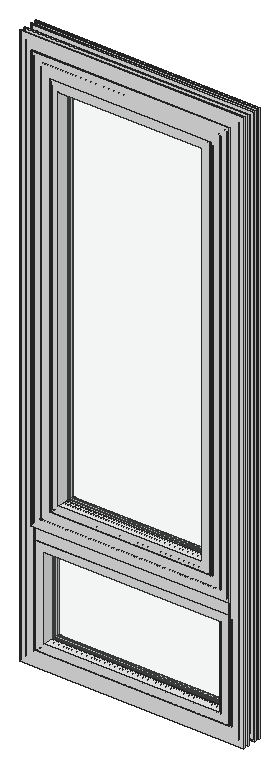
Revit family "Serene_T&T_Window_D_Custom", category Windows, host Wall, Revit 2014
Parameters (values of type "Serene_T&T_Window_D_Custom")
  Windload Design = if(Custom Windload < 1001 mm, 1000 mm, if(Custom Windload < 1501 mm, 1500 mm, 2000 mm))  # 1000 mm
  Width Sash [instance] = 522 mm
  Width = if(Custom Window Width > Limit Window Width Max, Limit Window Width Max, if(Custom Window Width < Limit Window Width Min, Limit Window Width Min, Custom Window Width))  # 590 mm
  Wall Thickness [instance] = 200 mm
  URL = "http://www.crealco.co.za/crealco-products.php"
  Thermal Resistance (R) [instance] = if(and(Custom U Value > 0.5678, 1 / Custom U Value < 36.9087), Custom U Value, if(not(Custom U Value > 0.5678), 1 / 0.5679, 1 / 36.9086)) * 1.0000 (m²·K)/W  # 1.76087 (m²·K)/W
  Solar Heat Gain Coefficient [instance] = if(and(not(Custom SHGC Value < 0), not(Custom SHGC Value > 1)), Custom SHGC Value, if(Custom U Value < 0, 0, 1))  # 0
  Sash Width = Width - (2 * Sash Edge Gap)  # 522 mm
  Sash Frame Gasket = 3.4 mm  # constant formula
  Sash Edge Gap = 34 mm  # constant formula
  Overall Width [instance] = 590 mm
  Overall Height [instance] = 1490 mm
  Max System DG Unit Thickness = 20 mm  # constant formula
  Max System DG One Piece Thickness = rounddown((Max System DG Unit Thickness - 12 mm) / 2 mm) * 1 mm  # 4 mm
  Max Pane Area = if(Area Glazing Sash > Area Glazing Fixed Panel, Area Glazing Sash, Area Glazing Fixed Panel)  # 0.430707 m²
  Limit Fixed Panel Height Min = 200 mm  # constant formula
  Limit Fixed Panel Height Max = 1800 mm  # constant formula
  Length Transom = Width - (2 * 40 mm)  # 510 mm
  Custom U Value = 0
  Custom SHGC Value = 0
  IGDB or SAGDB Number [instance] = 0
  Height Sash [instance] = 1122 mm
  Height = if(Custom Window Height > Limit Window Height Max, Limit Window Height Max, if(Custom Window Height < Limit Window Height Min, Limit Window Height Min, Custom Window Height))  # 1490 mm
  Heat Transfer Coefficient (U) [instance] = if(and(Custom U Value > 0.5678, Custom U Value < 36.9087), Custom U Value, if(not(Custom U Value > 0.5678), 0.5679, 36.9086)) * 1.0000 W/(m²·K)  # 0.5679 W/(m²·K)
  Glazing Material [instance] = if(IGDB or SAGDB Number = 1000015, "PFG CLEARVUE 4mm", if(IGDB or SAGDB Number = 9922, "PFG ENERGY ADVANTAGE 4mm LOW-E", if(IGDB or SAGDB Number = 100100, "PFG INTRUDERPRUFE 6.38mm", if(IGDB or SAGDB Number = 103200, "PFG INTRUDERPRUFE LOW-E 7.38mm", if(IGDB or SAGDB Number = 105001, "PFG 20mm CLEARVUE INSULATED GLASS", if(IGDB or SAGDB Number = 105002, "PFG 20mm CLEARVUE INSULATED GLASS LOW-E", "Unknown"))))))  # "Unknown"
  Glazing Code [instance] = if(IGDB or SAGDB Number = 1000015, "CF4", if(IGDB or SAGDB Number = 9922, "CF4E", if(IGDB or SAGDB Number = 100100, "LAM01", if(IGDB or SAGDB Number = 103200, "LAM01E", if(IGDB or SAGDB Number = 105001, "IGU20", if(IGDB or SAGDB Number = 105002, "IGU20E", "Unknown"))))))  # "Unknown"
  Frame Thickness = 52 mm  # constant formula
  Frame Offset From Exterior [instance] = if(Centered In Wall, (Wall Thickness - Frame Thickness) / 2, Custom Window Exterior Offset)  # 74 mm
  Fixed Panel Width = Width - (2 mm * 40)  # 510 mm
  Fixed Panel Height = Height - Sash Height - Sash Edge Gap - 33.6 mm - 40 mm  # 260.4 mm
  DG Thickness Calc = if(not(Max Pane Area > 1.125 m²), 4 mm, if(not(Max Pane Area > 2.25 m²), 4 mm, if(not(Max Pane Area > 3.15 m²), 5 mm, if(not(Max Pane Area > 4.35 m²), 6 mm, if(not(Max Pane Area > 6.45 m²), 8 mm, 10 mm)))))  # 4 mm
  DG Thickness [instance] = if(IGDB or SAGDB Number = 105001, 4 mm, if(IGDB or SAGDB Number = 105002, 4 mm, if(DG Thickness Calc > Max System DG One Piece Thickness, Max System DG One Piece Thickness, DG Thickness Calc)))  # 4 mm
  DG Gasket Thickness = 12 mm  # constant formula
  Custom Window Width = 590 mm
  Custom Window Height = 1490 mm
  Custom Window Exterior Offset = 0 mm
  Custom Windload = 1000 mm
  Custom Sash Height = 1122 mm
  Sash Height = if(Custom Sash Height < Limit Sash Height Min, Limit Sash Height Min, if(Custom Sash Height > Limit Sash Height Max, Limit Sash Height Max, Custom Sash Height))  # 1122 mm
  Single Glazing [instance] = not(Double Glazing)  # yes
  SG Thickness [instance] = if(IGDB or SAGDB Number = 1000015, 4 mm, if(IGDB or SAGDB Number = 9922, 4 mm, if(IGDB or SAGDB Number = 100100, 6 mm, if(IGDB or SAGDB Number = 103200, 7 mm, if(not(Max Pane Area > 0.75 m²), 4 mm, if(not(Max Pane Area > 1.50 m²), 4 mm, if(not(Max Pane Area > 2.10 m²), 5 mm, if(not(Max Pane Area > 2.90 m²), 6.4 mm, if(not(Max Pane Area > 4.30 m²), 8 mm, 10 mm)))))))))  # 4 mm
  Model = "Serene"  # constant formula
  Manufacturer = "Crealco"  # constant formula
  Limit Window Width Min = Limit Sash Width Min + (2 * Sash Edge Gap)  # 368 mm
  Limit Window Width Max = Limit Sash Width Max + (2 * Sash Edge Gap)  # 768 mm
  Limit Window Height Min = Sash Edge Gap + Sash Height + 33.6 mm + Limit Fixed Panel Height Min + 40 mm  # 1429.6 mm
  Limit Window Height Max = Sash Edge Gap + Sash Height + 33.6 mm + Limit Fixed Panel Height Max + 40 mm  # 3029.6 mm
  Limit Sash Width Min = 300 mm  # constant formula
  Limit Sash Width Max = 700 mm  # constant formula
  Limit Sash Height Min = 300 mm  # constant formula
  Limit Sash Height Max = 1500 mm  # constant formula
  Glazing Finish [instance] = Glass
  Double Glazing [instance] = no
  Description = "Tilt and turn window, Type D custom"  # constant formula
  Default Sill Height = 800 mm
  Wall Closure = By host
  DG Gasket Finish = Double Glazing Gasket Material
  Centered In Wall [instance] = yes
  Area Glazing Sash = (Sash Width - (2 mm * 50.2)) * (Sash Height - (2 mm * 50.2))  # 0.430707 m²
  Area Glazing Fixed Panel = (Fixed Panel Width - 10 mm) * (Fixed Panel Height - 10 mm)  # 0.1252 m²
  Aluminium Finish [instance] = White Powder Coated Aluminium
  All Available Glazing Numbers [instance] = "The rows below list the available glazing materials for this window:"  # constant formula
  9922 [instance] = "CF4E"  # constant formula
  105002 [instance] = "IGU20E"  # constant formula
  105001 [instance] = "IGU20"  # constant formula
  103200 [instance] = "LAM01E"  # constant formula
  100100 [instance] = "LAM01"  # constant formula
  1000015 [instance] = "CF4"  # constant formula
Reference planes
  plane 1 "Center (Front/Back)": y = 0
  plane 2 "Center (Left/Right)": x = 0
  plane 3 "Left": x = -295
  plane 4 "Right": x = 295
  plane 5 "Sill": z = 800
  plane 6 "Head": z = 2290
  plane 7 "Exterior": y = 100
  plane 8 "Interior": y = -100
  plane 9: y = 0
Lines and regions (mm)
  Opening 1
    outline origin (3500, -100, 0) x (1, 0, 0) y (0, 0, 1)
      loop
        line (-3205, 800) -> (-3205, 2290) -> (-3795, 2290) -> (-3795, 800) -> (-3205, 800)
Text (mm)
  text "EXTERIOR" at (-1963.203, 1332.353, 0), in view "Ref. Level"
  text "INTERIOR" at (-1981.466, -818.386, 0), in view "Ref. Level"
  text "Exterior" at (0, 923.751, 2943.296), in view "Right"
  text "Exterior" at (0, 1040.484, 2685.409), in view "Left"
Dimensions and locks
  equal spacing: plane 3 "Left", plane 2 "Center (Left/Right)", plane 4 "Right"
  "Width": plane 3 "Left" to plane 4 "Right"
  "Height": plane 5 "Sill" to plane 6 "Head"
  "Default Sill Height": plane 5 "Sill" to level
  locked: plane 7 "Exterior" to host wall at 0
  locked: plane 8 "Interior" to host wall
  "Overall Width": plane 3 "Left" to plane 4 "Right"
  "Overall Height": plane 5 "Sill" to plane 6 "Head"
  "Wall Thickness": host wall to host wall
  "Frame Offset From Exterior": host wall to nested 1
  "Sash Edge Gap": plane 3 "Left" to nested 2
  "Sash Edge Gap": plane 6 "Head" to nested 2
  "Sash Frame Gasket": nested 2 to nested 1
  "Width Sash": nested 2 to nested 2
  "Height Sash": nested 2 to nested 2
  aligned and locked: plane 9 to host wall
  aligned and locked: nested 1 to plane 6 "Head"
  aligned and locked: nested 1 to plane 4 "Right"
  aligned and locked: nested 1 to nested 3
  aligned and locked: nested 3 to nested 1
  aligned and locked: nested 1 to nested 4
  aligned and locked: nested 4 to nested 1
  aligned and locked: nested 4 to nested 3
  aligned and locked: nested 2 to nested 3
Automatic sketch dimensions
  Opening 1 sketch curve to plane 3 "Left" = 0 mm
  Opening 1 sketch curve to plane 4 "Right" = 0 mm
  Opening 1 sketch curve to plane 5 "Sill" = 0 mm
  Opening 1 sketch curve to plane 6 "Head" = 0 mm
Nested families
  nested 1: "Serene_Frame_Rounded_Ext_52mm_D_Cust" at (-295, -26, 800), Profile Material <- "Aluminium Finish", Frame Width <- "Width", Frame Height <- "Height", type "Serene_Frame_Rounded_Ext_52mm_D_Cust"
    with Profile Material White Powder Coated Aluminium, Frame Width 590 mm, Frame Height 1490 mm
  nested 2: "Serene_Sash_Open_In_72mm_D_Cust" at (261, -32.8, 1134) x (-1, 0, 0) z (0, 0, 1), Profile Material <- "Aluminium Finish", Glazing Material <- "Glazing Finish", Double Glazing Gasket Material <- "DG Gasket Finish", Height Sash <- "Sash Height", Width Sash <- "Sash Width", Double Glazing <- "Double Glazing", Single Glazing <- "Single Glazing", SG Glazing Thickness <- "SG Thickness", DG Glazing Thickness <- "DG Thickness", DG Gasket Thickness <- "DG Gasket Thickness", type "Serene_Sash_Open_In_72mm_D_Cust"
    with Width Sash 522 mm, Width Bead 422 mm, Tilt yes, Single Glazing yes, SG Offset 32.25 mm, SG Glazing Thickness 4 mm, Right Hinged yes, Profile Material White Powder Coated Aluminium, Left Hinged no, Height Sash 1122 mm, Height Bead 1022 mm, Glazing Width 421.6 mm, Glazing Material Glass, Glazing Height 1021.6 mm, Double Glazing Gasket Material Double Glazing Gasket Material, Double Glazing no, DG Offset 18.75 mm, DG Glazing Thickness 4 mm, DG Gasket Thickness 12 mm
  nested 3: "Serene_Transom_44mm_Flat_D_Cust" at (-255, -40.48, 787.299), Profile Material <- "Aluminium Finish", Length Transom <- "Length Transom", type "Serene_Transom_44mm_Flat_D_Cust"
    with Profile Material White Powder Coated Aluminium, Length Transom 510 mm
  nested 4: "Serene_Fixed_Panel_D_Cust" at (-255, -26, 839.999), Profile Material <- "Aluminium Finish", Glazing Material <- "Glazing Finish", Double Glazing Gasket Material <- "DG Gasket Finish", SG Thickness <- "SG Thickness", Fixed Panel Width <- "Fixed Panel Width", Fixed Panel Height <- "Fixed Panel Height", DG Thickness <- "DG Thickness", DG Gasket Thickness <- "DG Gasket Thickness", Single Glazing <- "Single Glazing", Double Glazing <- "Double Glazing", type "Serene_Fixed_Panel_D_Cust"
    with Single Glazing yes, SG Thickness 4 mm, SG Space Available 13 mm, SG Offset 4.5 mm, Profile Material White Powder Coated Aluminium, Glazing Width 500 mm, Glazing Material Glass, Glazing Height 250.4 mm, Fixed Panel Width 510 mm, Fixed Panel Height 260.4 mm, Double Glazing Gasket Material Double Glazing Gasket Material, Double Glazing no, DG Thickness 4 mm, DG Space Available 24 mm, DG Offset 2 mm, DG Gasket Thickness 12 mm
  nested 5: "Serene_Single_Glazing_Tilt_&_Turn_D_Cust" at (210.8, 3.45, 1184.2), type "Serene_Single_Glazing_Tilt_&_Turn_D_Cust"
    with Tilt yes, Right Hinged yes, Left Hinged no, Half Width 210.8 mm, Half Height 510.8 mm, Glazing Width 421.6 mm, Glazing Thickness SG 4 mm, Glazing Material Glass, Glazing Height 1021.6 mm
  nested 6: "Serene_Single_Glazing_Fixed_D_Cust" at (250, 10, 844.999), type "Serene_Single_Glazing_Fixed_D_Cust"
    with Glazing Width 500 mm, Glazing Thickness SG 4 mm, Glazing Material Glass, Glazing Height 250.4 mm
Definition of nested family "Serene_Frame_Rounded_Ext_52mm_D_Cust"
  Parameters (values of type "Serene_Frame_Rounded_Ext_52mm")
    Profile Material [instance] = none
    Frame Width [instance] = 600 mm
    Frame Height [instance] = 900 mm
  Reference planes
    plane 1 "Center (Front/Back)": y = 0
    plane 2: z = 0
    plane 3 "Center (Left/Right)": x = 0
  Forms (mm)
    Sweep 1, solid, material <- "Profile Material"
      path origin (0, 0, 0) x (1, 0, 0) y (0, 0, 1)
        loop
          line (0, 0) -> (600, 0) -> (600, 900) -> (0, 900) -> (0, 0)
      profile origin (300, 0, 0) x (0, 0, 1) y (0, -1, 0)
        loop
          line (32.05, -9) -> (32.05, -8) -> (33.7, -8) -> (33.7, -1.3) -> (15.1, -1.3) -> (15.1, -8) -> (16.75, -8) -> (16.75, -9) -> (15.1, -9) -> (15.1, -42.5) -> (16.75, -42.5) -> (16.75, -43.5) -> (15.1, -43.5) -> (15.1, -50.7) -> (33.7, -50.7) -> (33.7, -43.5) -> (32.05, -43.5) -> (32.05, -42.5) -> (33.7, -42.5) -> (33.7, -9) -> (32.05, -9)
        loop
          arc (52.4, -49.7) -> (52.107, -48.993) -> (51.4, -48.7) r 1
          line (51.4, -48.7) -> (50.4, -48.7)
          arc (50.4, -48.7) -> (49.9, -49.2) -> (50.4, -49.7) r 0.5
          line (50.4, -49.7) -> (51.2, -49.7) -> (51.2, -50.7) -> (35, -50.7) -> (35, -49.7) -> (36, -49.7)
          arc (36, -49.7) -> (36.5, -49.2) -> (36, -48.7) r 0.5
          line (36, -48.7) -> (35, -48.7) -> (35, -35.9) -> (40, -35.9) -> (40, -32.956) -> (38.5, -31.79) -> (38.5, -34.6) -> (35, -34.6) -> (35, -21.1) -> (38.5, -21.1) -> (38.5, -26.41) -> (40, -25.244) -> (40, -18.807) -> (38, -17.818) -> (38, -19.5) -> (35, -19.5) -> (35, -1.5) -> (38, -1.5) -> (38, -4.182) -> (40, -3.193) -> (40, 0) -> (0, 0) -> (0, -2.7) -> (1.3, -2.7) -> (1.3, -1.5) -> (13.8, -1.5) -> (13.8, -13.05) -> (0, -13.05) -> (0, -16.05) -> (1.3, -16.05) -> (1.3, -14.35) -> (13.8, -14.35) -> (13.8, -37.65) -> (1.3, -37.65) -> (1.3, -35.95) -> (0, -35.95) -> (0, -38.95) -> (13.8, -38.95) -> (13.8, -50.5) -> (1.3, -50.5) -> (1.3, -49.3) -> (0, -49.3) -> (0, -52) -> (58, -52)
          arc (58, -52) -> (60.828, -50.828) -> (62, -48) r 4
          line (62, -48) -> (62, -40.5) -> (59.5, -40.5) -> (59.5, -41.7) -> (60.7, -41.7) -> (60.7, -43.7) -> (55.5, -43.7) -> (55.5, -41.7) -> (56.7, -41.7) -> (56.7, -40.5) -> (54.2, -40.5) -> (54.2, -44)
          arc (54.2, -44) -> (54.493, -44.707) -> (55.2, -45) r 1
          line (55.2, -45) -> (60.7, -45) -> (60.7, -48)
          arc (60.7, -48) -> (59.909, -49.909) -> (58, -50.7) r 2.7
          line (58, -50.7) -> (52.4, -50.7) -> (52.4, -49.7)
  Lines and regions (mm)
    model lines, style "GenericModel"
      curve 1: line (600, 52, 900) -> (541.992, 52, 841.992)
      curve 2: line (0, 52, 900) -> (58.006, 52, 841.994)
      curve 3: line (0, 52, 0) -> (58.008, 52, 58.008)
      curve 4: line (600, 52, 0) -> (541.992, 52, 58.008)
      curve 5: line (0, 0, 900) -> (40, 0, 860)
      curve 6: line (600, 0, 900) -> (560, 0, 860)
      curve 7: line (600, 0, 0) -> (560, 0, 40)
      curve 8: line (0, 0, 0) -> (40, 0, 40)
  Dimensions and locks
    "Frame Width": Sweep 1 sketch curve to Sweep 1 sketch curve
    "Frame Height": Sweep 1 sketch curve to Sweep 1 sketch curve
    aligned and locked: level to plane 2
  Automatic sketch dimensions
    Sweep 1 sketch curve to Sweep 1 sketch curve = 0 mm  (x9)
    Sweep 1 sketch curve to profile plane = 0 mm  (x4)
    Sweep 1 sketch curve to Sweep 1 sketch curve = 1.3 mm  (x13)
    Sweep 1 sketch curve to Sweep 1 sketch curve = 12.5 mm  (x2)
    Sweep 1 sketch curve to Sweep 1 sketch curve = 1.65 mm  (x4)
    Sweep 1 sketch curve to Sweep 1 sketch curve = 15.3 mm  (x2)
    Sweep 1 sketch curve to Sweep 1 sketch curve = 1 mm  (x10)
    Sweep 1 sketch curve to Sweep 1 sketch curve = 3 mm  (x3)
    Sweep 1 sketch curve to Sweep 1 sketch curve = 0.5 mm  (x2)
    Sweep 1 sketch curve to Sweep 1 sketch curve = 3.5 mm
    Sweep 1 sketch curve to Sweep 1 sketch curve = 2 mm  (x3)
    Sweep 1 sketch curve to Sweep 1 sketch curve = 1.5 mm  (x3)
    Sweep 1 sketch curve to Sweep 1 sketch curve = 14.4 mm
    Sweep 1 sketch curve to Sweep 1 sketch curve = 0.8 mm
    Sweep 1 sketch curve to Sweep 1 sketch curve = 0.2 mm  (x3)
    Sweep 1 sketch curve to Sweep 1 sketch curve = 2.8 mm  (x3)
    Sweep 1 sketch curve to Sweep 1 sketch curve = 0.3 mm
    Sweep 1 sketch curve to Sweep 1 sketch curve = 1.2 mm  (x6)
    Sweep 1 sketch curve to plane 1 "Center (Front/Back)" = 52 mm
    Sweep 1 sketch curve to Sweep 1 sketch curve = 5.2 mm
    Sweep 1 sketch curve to Sweep 1 sketch curve = 7 mm
    Sweep 1 sketch curve to Sweep 1 sketch curve = 10.35 mm  (x2)
    Sweep 1 sketch curve to Sweep 1 sketch curve = 1.7 mm  (x2)
    Sweep 1 sketch curve to Sweep 1 sketch curve = 6.6 mm
    Sweep 1 sketch curve to Sweep 1 sketch curve = 1.644 mm
    Sweep 1 sketch curve to Sweep 1 sketch curve = 1.167 mm  (x2)
    Sweep 1 sketch curve to Sweep 1 sketch curve = 5.379 mm
    Sweep 1 sketch curve to Sweep 1 sketch curve = 4.144 mm
    Sweep 1 sketch curve to Sweep 1 sketch curve = 1.6 mm
    Sweep 1 sketch curve to Sweep 1 sketch curve = 0.693 mm
    Sweep 1 sketch curve to Sweep 1 sketch curve = 1.682 mm
    Sweep 1 sketch curve to Sweep 1 sketch curve = 19.9 mm
    Sweep 1 sketch curve to Sweep 1 sketch curve = 8.818 mm
    Sweep 1 sketch curve to Sweep 1 sketch curve = 4.05 mm
    Sweep 1 sketch curve to Sweep 1 sketch curve = 3.818 mm
    Sweep 1 sketch curve to Sweep 1 sketch curve = 0.99 mm
    Sweep 1 sketch curve to Sweep 1 sketch curve = 6.5 mm
    Sweep 1 sketch curve to Sweep 1 sketch curve = 1.693 mm
    curve 1 to Sweep 1 = 0 mm
    Sweep 1 to curve 1 = 0 mm
    curve 2 to Sweep 1 = 0 mm  (x2)
    curve 3 to Sweep 1 = 0 mm  (x2)
    curve 4 to Sweep 1 = 0 mm  (x2)
    curve 2 to Sweep 1 = 0.006 mm  (x2)
    curve 3 to Sweep 1 = 0.008 mm  (x2)
    curve 1 to Sweep 1 = 0.008 mm  (x2)
    curve 4 to Sweep 1 = 0.008 mm  (x2)
    curve 5 to Sweep 1 = 0 mm  (x4)
    curve 6 to Sweep 1 = 0 mm  (x4)
    curve 7 to Sweep 1 = 0 mm  (x3)
    Sweep 1 to curve 7 = 0 mm
    curve 8 to Sweep 1 = 0 mm  (x3)
    Sweep 1 to curve 8 = 0 mm
    Sweep 1 sketch curve to plane 3 "Center (Left/Right)" = 0 mm
    Sweep 1 sketch curve to level = 0 mm
Definition of nested family "Serene_Sash_Open_In_72mm_D_Cust"
  Parameters (values of type "Serene_Sash_Open_In_72mm")
    Width Sash [instance] = 600 mm
    Width Bead [instance] = Width Sash - (Bead Edge Offset * 2)  # 500 mm
    Tilt [instance] = yes
    Single Glazing [instance] = yes
    SG Offset [instance] = Rear Glazing Channel Offset - SG Available Space + ((SG Available Space - SG Glazing Thickness) / 2)  # 32.25 mm
    SG Glazing Thickness [instance] = 4 mm
    SG Available Space = 13.5 mm  # constant formula
    Right Hinged [instance] = yes
    Rear Glazing Channel Offset = 41 mm  # constant formula
    Profile Material [instance] = none
    Left Hinged [instance] = yes
    Height Sash [instance] = 900 mm
    Height Bead [instance] = Height Sash - (Bead Edge Offset * 2)  # 800 mm
    Glazing Width [instance] = Width Sash - (Glazing Edge Offset * 2)  # 499.6 mm
    Glazing Material [instance] = Glass
    Glazing Height [instance] = Height Sash - (Glazing Edge Offset * 2)  # 799.6 mm
    Glazing Edge Offset = 50.2 mm  # constant formula
    Double Glazing Gasket Material [instance] = none
    Double Glazing [instance] = yes
    DG Offset [instance] = Rear Glazing Channel Offset - DG Available Space + ((DG Available Space - DG Gasket Thickness - (2 * DG Glazing Thickness)) / 2)  # 18.75 mm
    DG Glazing Thickness [instance] = 4 mm
    DG Gasket Thickness [instance] = 12 mm
    DG Available Space = 24.5 mm  # constant formula
    Bead Edge Offset = 50 mm  # constant formula
  Reference planes
    plane 1 "Center (Front/Back)": y = 0
    plane 2: z = 0
    plane 3 "Center (Left/Right)": x = 0
  Forms (mm)
    Sweep 1, solid, material <- "Profile Material"
      path origin (0, 0, 0) x (1, 0, 0) y (0, 0, 1)
        loop
          line (0, 0) -> (600, 0) -> (600, 900) -> (0, 900) -> (0, 0)
      profile origin (300, 0, 0) x (0, 0, 1) y (0, -1, 0)
        loop
          line (21.76, 25.1) -> (23.96, 25.1) -> (23.96, 10.1) -> (21.76, 10.1) -> (21.76, 7.4) -> (18.76, 7.4) -> (18.76, 10.524) -> (17.46, 9.224) -> (17.46, 7.1)
          arc (17.46, 7.1) -> (17.753, 6.393) -> (18.46, 6.1) r 1
          line (18.46, 6.1) -> (23.96, 6.1) -> (23.96, 3.4) -> (22.8, 3.4)
          arc (22.8, 3.4) -> (22.3, 2.9) -> (22.8, 2.4) r 0.5
          line (22.8, 2.4) -> (23.96, 2.4) -> (23.96, 1.3) -> (7.7, 1.3) -> (7.7, 2.4) -> (8.5, 2.4) -> (8.5, 3.4) -> (5.3, 3.4) -> (5.3, 2.4) -> (6.6, 2.4) -> (6.6, 1.1) -> (1.2, 1.1) -> (1.2, 2.4) -> (2.5, 2.4) -> (2.5, 3.4) -> (0, 3.4) -> (0, 0) -> (49.96, 0) -> (49.96, 3.18) -> (48.16, 4.22) -> (48.16, 1.5) -> (45.16, 1.5) -> (45.16, 20.1) -> (48.16, 20.1) -> (48.16, 17.88) -> (49.96, 18.92) -> (49.96, 21.6) -> (45.16, 21.6) -> (45.16, 40) -> (37.96, 47) -> (37.96, 50.7) -> (43.96, 50.7) -> (43.96, 49.3)
          arc (43.96, 49.3) -> (44.253, 48.593) -> (44.96, 48.3) r 1
          line (44.96, 48.3) -> (46.21, 48.3)
          arc (46.21, 48.3) -> (46.71, 48.8) -> (46.21, 49.3) r 0.5
          line (46.21, 49.3) -> (44.96, 49.3) -> (44.96, 50.7) -> (61.46, 50.7) -> (61.46, 49.3) -> (60.21, 49.3)
          arc (60.21, 49.3) -> (59.71, 48.8) -> (60.21, 48.3) r 0.5
          line (60.21, 48.3) -> (61.46, 48.3)
          arc (61.46, 48.3) -> (62.167, 48.593) -> (62.46, 49.3) r 1
          line (62.46, 49.3) -> (62.46, 50.7) -> (66.96, 50.7)
          arc (66.96, 50.7) -> (69.576, 49.616) -> (70.66, 47) r 3.7
          line (70.66, 47) -> (70.66, 45.5) -> (64.16, 45.5) -> (64.16, 41) -> (66.66, 41) -> (66.66, 42.2) -> (65.46, 42.2) -> (65.46, 44.2) -> (70.66, 44.2) -> (70.66, 42.2) -> (69.46, 42.2) -> (69.46, 41) -> (71.96, 41) -> (71.96, 47)
          arc (71.96, 47) -> (70.496, 50.536) -> (66.96, 52) r 5
          line (66.96, 52) -> (33.006, 52) -> (33.006, 50.7) -> (34.46, 50.7) -> (36.66, 50.7) -> (36.66, 47.3) -> (26.46, 47.3) -> (23.536, 47.3) -> (24.836, 46) -> (26.96, 46) -> (26.96, 35.2) -> (23.935, 35.2) -> (18.293, 34.246)
          arc (18.293, 34.246) -> (17.696, 33.906) -> (17.46, 33.26) r 1
          line (17.46, 33.26) -> (17.46, 25.976) -> (18.76, 24.676) -> (18.76, 27.3) -> (21.76, 27.3) -> (21.76, 25.1)
        loop
          line (43.86, 33.9) -> (42.16, 33.9) -> (42.16, 35.2) -> (43.86, 35.2) -> (43.86, 39.451) -> (37.124, 46) -> (28.26, 46) -> (28.26, 34.9)
          arc (28.26, 34.9) -> (27.967, 34.193) -> (27.26, 33.9) r 1
          line (27.26, 33.9) -> (24.094, 33.9) -> (18.76, 33.007) -> (18.76, 28.6) -> (22.06, 28.6)
          arc (22.06, 28.6) -> (22.767, 28.307) -> (23.06, 27.6) r 1
          line (23.06, 27.6) -> (23.06, 26.4) -> (24.26, 26.4)
          arc (24.26, 26.4) -> (24.967, 26.107) -> (25.26, 25.4) r 1
          line (25.26, 25.4) -> (25.26, 24.337) -> (25.26, 9.8)
          arc (25.26, 9.8) -> (24.967, 9.093) -> (24.26, 8.8) r 1
          line (24.26, 8.8) -> (23.06, 8.8) -> (23.06, 7.4) -> (24.26, 7.4)
          arc (24.26, 7.4) -> (24.967, 7.107) -> (25.26, 6.4) r 1
          line (25.26, 6.4) -> (25.26, 1.3) -> (43.86, 1.3) -> (43.86, 33.9)
  Lines and regions (mm)
    model lines, style "GenericModel"
      curve 1: line (600, 0, 900) -> (550.04, 0, 850.04)
      curve 2: line (0, 0, 900) -> (49.96, 0, 850.04)
      curve 3: line (0, 0, 0) -> (49.96, 0, 49.96)
      curve 4: line (600, 0, 0) -> (550.04, 0, 49.96)
      curve 5: line (33.953, -50.7, 866.047) -> (66.968, -50.7, 833.032)
      curve 6: line (566.047, -50.7, 866.047) -> (533, -50.7, 833)
      curve 7: line (566.047, -50.7, 33.953) -> (533.032, -50.7, 66.968)
      curve 8: line (33.953, -50.7, 33.953) -> (66.968, -50.7, 66.968)
      curve 9: line (33.006, -52, 866.994) -> (66.968, -52, 833.032)
      curve 10: line (566.994, -52, 866.994) -> (533, -52, 833)
      curve 11: line (33.006, -52, 33.006) -> (66.968, -52, 66.968)
      curve 12: line (566.994, -52, 33.006) -> (533.032, -52, 66.968)
      curve 13: line (23.536, -47.3, 876.464) -> (33.006, -47.3, 866.994)
      curve 14: line (576.464, -47.3, 876.464) -> (566.994, -47.3, 866.994)
      curve 15: line (576.464, -47.3, 23.536) -> (566.994, -47.3, 33.006)
      curve 16: line (23.536, -47.3, 23.536) -> (33.006, -47.3, 33.006)
  Dimensions and locks
    "Width Sash": Sweep 1 sketch curve to Sweep 1 sketch curve
    "Height Sash": Sweep 1 sketch curve to Sweep 1 sketch curve
    "Bead Edge Offset": nested 1 to plane 2
    "Bead Edge Offset": nested 2 to plane 2
    "Bead Edge Offset": plane 3 "Center (Left/Right)" to nested 1
    "Bead Edge Offset": plane 3 "Center (Left/Right)" to nested 2
    "Glazing Edge Offset": plane 3 "Center (Left/Right)" to nested 3
    "Glazing Edge Offset": nested 3 to plane 2
    "SG Offset": nested 3 to plane 1 "Center (Front/Back)"
    "DG Offset": nested 4 to plane 1 "Center (Front/Back)"
    "Glazing Edge Offset": plane 3 "Center (Left/Right)" to nested 4
    "Glazing Edge Offset": nested 4 to level
    aligned and locked: level to plane 2
    aligned and locked: nested 1 to plane 1 "Center (Front/Back)"
    aligned and locked: nested 2 to plane 1 "Center (Front/Back)"
  Automatic sketch dimensions
    curve 1 to Sweep 1 = 0 mm  (x3)
    Sweep 1 to curve 1 = 0 mm
    curve 2 to Sweep 1 = 0 mm  (x3)
    Sweep 1 to curve 2 = 0 mm
    curve 3 to Sweep 1 = 0 mm  (x4)
    curve 4 to Sweep 1 = 0 mm  (x4)
    curve 8 to Sweep 1 = 30.308 mm  (x2)
    curve 5 to Sweep 1 = 30.308 mm  (x2)
    curve 6 to Sweep 1 = 30.34 mm  (x2)
    curve 7 to Sweep 1 = 30.308 mm  (x2)
    Sweep 1 sketch curve to Sweep 1 sketch curve = 0 mm  (x12)
    Sweep 1 sketch curve to plane 1 "Center (Front/Back)" = 0 mm
    profile plane to Sweep 1 sketch curve = 0 mm
    Sweep 1 sketch curve to profile plane = 1.2 mm
    Sweep 1 sketch curve to Sweep 1 sketch curve = 1.3 mm  (x21)
    Sweep 1 sketch curve to Sweep 1 sketch curve = 2.8 mm  (x2)
    Sweep 1 sketch curve to Sweep 1 sketch curve = 1.1 mm  (x2)
    Sweep 1 sketch curve to Sweep 1 sketch curve = 0.8 mm
    Sweep 1 sketch curve to profile plane = 17.46 mm
    Sweep 1 sketch curve to Sweep 1 sketch curve = 8.96 mm
    Sweep 1 sketch curve to Sweep 1 sketch curve = 0.833 mm
    Sweep 1 sketch curve to Sweep 1 sketch curve = 0.167 mm
    Sweep 1 sketch curve to Sweep 1 sketch curve = 1 mm  (x10)
    Sweep 1 sketch curve to Sweep 1 sketch curve = 3 mm  (x4)
    Sweep 1 sketch curve to Sweep 1 sketch curve = 0.3 mm  (x6)
    plane 1 "Center (Front/Back)" to Sweep 1 sketch curve = 3.4 mm
    Sweep 1 sketch curve to Sweep 1 sketch curve = 1.04 mm
    Sweep 1 sketch curve to Sweep 1 sketch curve = 5.242 mm
    Sweep 1 sketch curve to Sweep 1 sketch curve = 5.175 mm
    Sweep 1 sketch curve to Sweep 1 sketch curve = 0.9 mm
    Sweep 1 sketch curve to Sweep 1 sketch curve = 1.16 mm
    Sweep 1 sketch curve to Sweep 1 sketch curve = 0.158 mm
    Sweep 1 sketch curve to Sweep 1 sketch curve = 1.2 mm  (x6)
    Sweep 1 sketch curve to Sweep 1 sketch curve = 1.624 mm
    Sweep 1 sketch curve to Sweep 1 sketch curve = 0.5 mm  (x3)
    Sweep 1 sketch curve to Sweep 1 sketch curve = 4.746 mm
    Sweep 1 sketch curve to Sweep 1 sketch curve = 1.454 mm
    Sweep 1 sketch curve to Sweep 1 sketch curve = 2.2 mm
    Sweep 1 sketch curve to Sweep 1 sketch curve = 0.464 mm
    Sweep 1 sketch curve to Sweep 1 sketch curve = 0.836 mm
    Sweep 1 sketch curve to Sweep 1 sketch curve = 5.036 mm
    plane 1 "Center (Front/Back)" to Sweep 1 sketch curve = 1.3 mm
    Sweep 1 sketch curve to Sweep 1 sketch curve = 18.6 mm
    Sweep 1 sketch curve to Sweep 1 sketch curve = 1.7 mm
    Sweep 1 sketch curve to Sweep 1 sketch curve = 6 mm
    Sweep 1 sketch curve to Sweep 1 sketch curve = 1.25 mm  (x2)
    plane 1 "Center (Front/Back)" to Sweep 1 sketch curve = 17.88 mm
    plane 1 "Center (Front/Back)" to Sweep 1 sketch curve = 18.92 mm
    Sweep 1 sketch curve to Sweep 1 sketch curve = 1.8 mm  (x2)
    Sweep 1 sketch curve to Sweep 1 sketch curve = 14 mm
    Sweep 1 sketch curve to Sweep 1 sketch curve = 2.7 mm  (x2)
    Sweep 1 sketch curve to Sweep 1 sketch curve = 1.5 mm  (x3)
    plane 1 "Center (Front/Back)" to Sweep 1 sketch curve = 1.1 mm
    plane 1 "Center (Front/Back)" to Sweep 1 sketch curve = 1.5 mm
    Sweep 1 sketch curve to Sweep 1 sketch curve = 1.68 mm
    Sweep 1 sketch curve to Sweep 1 sketch curve = 1.039 mm
    Sweep 1 sketch curve to Sweep 1 sketch curve = 1.4 mm  (x2)
    Sweep 1 sketch curve to Sweep 1 sketch curve = 2.124 mm
    Sweep 1 sketch curve to Sweep 1 sketch curve = 2.22 mm
    Sweep 1 sketch curve to Sweep 1 sketch curve = 14.237 mm
    Sweep 1 sketch curve to Sweep 1 sketch curve = 0.339 mm
    Sweep 1 sketch curve to Sweep 1 sketch curve = 0.763 mm
    Sweep 1 sketch curve to Sweep 1 sketch curve = 1.063 mm
    Sweep 1 sketch curve to Sweep 1 sketch curve = 1.324 mm
    Sweep 1 sketch curve to Sweep 1 sketch curve = 4.407 mm
    Sweep 1 sketch curve to Sweep 1 sketch curve = 0.254 mm
    Sweep 1 sketch curve to Sweep 1 sketch curve = 5.3 mm
    Sweep 1 sketch curve to Sweep 1 sketch curve = 12.3 mm
    Sweep 1 sketch curve to Sweep 1 sketch curve = 4.251 mm
    Sweep 1 sketch curve to Sweep 1 sketch curve = 0.549 mm
    Sweep 1 sketch curve to Sweep 1 sketch curve = 2 mm
    Sweep 1 sketch curve to Sweep 1 sketch curve = 10.8 mm
    Sweep 1 sketch curve to Sweep 1 sketch curve = 2.4 mm
    Sweep 1 sketch curve to Sweep 1 sketch curve = 3.4 mm
    curve 5 to Sweep 1 = 0.947 mm  (x2)
    curve 8 to Sweep 1 = 0.947 mm  (x2)
    curve 7 to Sweep 1 = 0.947 mm  (x2)
    curve 6 to Sweep 1 = 0.947 mm  (x2)
    curve 9 to Sweep 1 = 0 mm  (x2)
    curve 10 to Sweep 1 = 0 mm  (x2)
    Sweep 1 to curve 11 = 0 mm
    curve 11 to Sweep 1 = 0 mm
    curve 12 to Sweep 1 = 0 mm  (x2)
    curve 11 to Sweep 1 = 0.008 mm
    curve 9 to Sweep 1 = 0.008 mm  (x2)
    curve 10 to Sweep 1 = 0.04 mm  (x2)
    curve 12 to Sweep 1 = 0.008 mm
    Sweep 1 to curve 12 = 0.008 mm
    Sweep 1 to curve 11 = 0.008 mm
    curve 13 to Sweep 1 = 0 mm  (x2)
    curve 14 to Sweep 1 = 0 mm  (x2)
    curve 15 to Sweep 1 = 0 mm
    Sweep 1 to curve 15 = 0 mm
    curve 16 to Sweep 1 = 0 mm  (x2)
    Sweep 1 to curve 16 = 3.654 mm
    Sweep 1 to curve 13 = 3.654 mm  (x2)
    Sweep 1 to curve 15 = 3.654 mm
    Sweep 1 to curve 14 = 3.654 mm  (x2)
    curve 15 to Sweep 1 = 3.654 mm
    curve 16 to Sweep 1 = 3.654 mm
    Sweep 1 sketch curve to plane 3 "Center (Left/Right)" = 0 mm
    Sweep 1 sketch curve to level = 0 mm
  Nested families
    nested 1: "Serene_Bead_Square_12mm" at (550, 0, 50) x (-1, 0, 0) z (0, 0, 1), visible <- "Single Glazing", Profile Material <- "Profile Material", Width Bead <- "Width Bead", Height Bead <- "Height Bead", type "Serene_Bead_Square_12mm"
      with Width Bead 500 mm, Profile Material none, Height Bead 800 mm
    nested 2: "Serene_Bead_D_Glazing_Square" at (550, 0, 50) x (-1, 0, 0) z (0, 0, 1), Profile Material <- "Profile Material", visible <- "Double Glazing", Width Bead <- "Width Bead", Height Bead <- "Height Bead", type "Serene_Bead_D_Glazing_Square"
      with Width Bead 500 mm, Profile Material none, Height Bead 800 mm
    nested 3: "Serene_Single_Glazing_Tilt_&_Turn_D_Cust" at (50.2, -36.25, 50.2) x (-1, 0, 0) z (0, 0, 1), Glazing Width <- "Glazing Width", Glazing Height <- "Glazing Height", visible <- "Single Glazing", Glazing Material <- "Glazing Material", Glazing Thickness SG <- "SG Glazing Thickness", Tilt <- "Tilt", Right Hinged <- "Right Hinged", Left Hinged <- "Left Hinged", type "Serene_Single_Glazing_Tilt_&_Turn_D_Cust"
      with Tilt yes, Right Hinged yes, Left Hinged yes, Half Width 249.8 mm, Half Height 399.8 mm, Glazing Width 499.6 mm, Glazing Thickness SG 4 mm, Glazing Material Glass, Glazing Height 799.6 mm
    nested 4: "Serene_Double_Glazing_Tilt_&_Turn_D_Cust" at (50.2, -38.75, 50.2) x (-1, 0, 0) z (0, 0, 1), Glazing Width <- "Glazing Width", Glazing Height <- "Glazing Height", Glazing Thickness DG <- "DG Glazing Thickness", Double Glazing Gasket Thickness <- "DG Gasket Thickness", Double Glazing Gasket Material <- "Double Glazing Gasket Material", Glazing Material <- "Glazing Material", visible <- "Double Glazing", Tilt <- "Tilt", Left Hinged <- "Left Hinged", Right Hinged <- "Right Hinged", type "Serene_Double_Glazing_Tilt_&_Turn_D_Cust"
      with Tilt yes, Right Hinged yes, Left Hinged yes, Half Width 249.8 mm, Half Height 399.8 mm, Glazing Width 499.6 mm, Glazing Thickness DG 4 mm, Glazing Material Glass, Glazing Height 799.6 mm, Double Glazing Gasket Thickness 12 mm, Double Glazing Gasket Material none
  Definition of nested family "Serene_Bead_Square_12mm"
    Parameters (values of type "Serene_Bead_Square_12mm")
      Profile Material [instance] = none
      Width Bead [instance] = 600 mm
      Height Bead [instance] = 900 mm
    Reference planes
      plane 1 "Center (Front/Back)": y = 0
      plane 2: z = 0
      plane 3 "Center (Left/Right)": x = 0
    Forms (mm)
      Sweep 1, solid, material <- "Profile Material"
        path origin (0, 0, 0) x (1, 0, 0) y (0, 0, 1)
          loop
            line (0, 0) -> (600, 0) -> (600, 900) -> (0, 900) -> (0, 0)
        profile origin (300, 0, 0) x (0, 0, 1) y (0, -1, 0)
          loop
            line (20.8, -26.3) -> (19.6, -26.3) -> (19.6, -27.5) -> (22, -27.5) -> (22, 0) -> (0, 0) -> (0, -1.2) -> (1.2, -1.2) -> (1.2, -4.2) -> (-1.876, -4.2) -> (-1.876, -3.293) -> (-3.909, -4.467)
            arc (-3.909, -4.467) -> (-4.142, -5.029) -> (-3.659, -5.4) r 0.5
            line (-3.659, -5.4) -> (1.4, -5.4)
            arc (1.4, -5.4) -> (2.107, -5.107) -> (2.4, -4.4) r 1
            line (2.4, -4.4) -> (2.4, -1.2) -> (20.8, -1.2) -> (20.8, -16.2) -> (-3.659, -16.2)
            arc (-3.659, -16.2) -> (-4.142, -16.571) -> (-3.909, -17.133) r 0.5
            line (-3.909, -17.133) -> (-1.876, -18.307) -> (-1.876, -17.4) -> (20.8, -17.4) -> (20.8, -23.4) -> (14.6, -23.4) -> (14.6, -27.5) -> (17, -27.5) -> (17, -26.3) -> (15.8, -26.3) -> (15.8, -24.6) -> (20.8, -24.6) -> (20.8, -26.3)
    Lines and regions (mm)
      model lines, style "GenericModel"
        curve 1: line (22, 0, 878) -> (0, 0, 900)
        curve 2: line (578, 0, 878) -> (600, 0, 900)
        curve 3: line (578, 0, 22) -> (600, 0, 0)
        curve 4: line (22, 0, 22) -> (0, 0, 0)
    Dimensions and locks
      "Width Bead": Sweep 1 sketch curve to Sweep 1 sketch curve
      "Height Bead": Sweep 1 sketch curve to Sweep 1 sketch curve
      aligned and locked: level to plane 2
    Automatic sketch dimensions
      profile plane to Sweep 1 sketch curve = 3.909 mm
      Sweep 1 sketch curve to Sweep 1 sketch curve = 0 mm  (x4)
      Sweep 1 sketch curve to Sweep 1 sketch curve = 0.25 mm  (x2)
      Sweep 1 sketch curve to Sweep 1 sketch curve = 1.783 mm  (x2)
      Sweep 1 sketch curve to Sweep 1 sketch curve = 1.876 mm
      Sweep 1 sketch curve to Sweep 1 sketch curve = 3.076 mm
      Sweep 1 sketch curve to Sweep 1 sketch curve = 0.2 mm  (x2)
      Sweep 1 sketch curve to Sweep 1 sketch curve = 1.2 mm  (x9)
      Sweep 1 sketch curve to Sweep 1 sketch curve = 16.476 mm
      Sweep 1 sketch curve to Sweep 1 sketch curve = 2.6 mm
      Sweep 1 sketch curve to plane 1 "Center (Front/Back)" = 27.5 mm
      Sweep 1 sketch curve to Sweep 1 sketch curve = 1.7 mm
      Sweep 1 sketch curve to Sweep 1 sketch curve = 5.093 mm
      Sweep 1 sketch curve to Sweep 1 sketch curve = 6 mm
      Sweep 1 sketch curve to Sweep 1 sketch curve = 0.267 mm
      Sweep 1 sketch curve to Sweep 1 sketch curve = 0.433 mm
      Sweep 1 sketch curve to Sweep 1 sketch curve = 10.8 mm
      Sweep 1 sketch curve to Sweep 1 sketch curve = 0.5 mm
      Sweep 1 sketch curve to Sweep 1 sketch curve = 0.907 mm
      Sweep 1 sketch curve to Sweep 1 sketch curve = 2.093 mm
      Sweep 1 sketch curve to Sweep 1 sketch curve = 15 mm
      curve 1 to Sweep 1 = 0 mm  (x4)
      curve 4 to Sweep 1 = 0 mm  (x3)
      Sweep 1 to curve 4 = 0 mm
      curve 3 to Sweep 1 = 0 mm  (x3)
      curve 2 to Sweep 1 = 0 mm  (x4)
      Sweep 1 to curve 3 = 0 mm
      Sweep 1 sketch curve to plane 3 "Center (Left/Right)" = 0 mm
      Sweep 1 sketch curve to level = 0 mm
  Definition of nested family "Serene_Bead_D_Glazing_Square"
    Parameters (values of type "Serene_Bead_D_Glazing_Square")
      Width Bead [instance] = 900 mm
      Profile Material [instance] = none
      Height Bead [instance] = 1320 mm
    Reference planes
      plane 1 "Center (Front/Back)": y = 0
      plane 2: z = 0
      plane 3 "Center (Left/Right)": x = 0
    Forms (mm)
      Sweep 1, solid, material <- "Profile Material"
        path origin (0, 0, 0) x (1, 0, 0) y (0, 0, 1)
          loop
            line (0, 0) -> (900, 0) -> (900, 1320) -> (0, 1320) -> (0, 0)
        profile origin (450, 0, 0) x (0, 0, 1) y (0, -1, 0)
          loop
            line (22, -16.5) -> (22, 0) -> (0, 0) -> (0, -1.2) -> (1.2, -1.2) -> (1.2, -4.2) -> (-1.876, -4.2) -> (-1.876, -3.293) -> (-3.909, -4.467)
            arc (-3.909, -4.467) -> (-4.142, -5.029) -> (-3.659, -5.4) r 0.5
            line (-3.659, -5.4) -> (1.4, -5.4)
            arc (1.4, -5.4) -> (2.107, -5.107) -> (2.4, -4.4) r 1
            line (2.4, -4.4) -> (2.4, -1.2) -> (20.8, -1.2) -> (20.8, -12.4) -> (14.6, -12.4) -> (0, -16.7) -> (-3.659, -16.7)
            arc (-3.659, -16.7) -> (-4.142, -17.071) -> (-3.909, -17.633) r 0.5
            line (-3.909, -17.633) -> (-1.876, -18.807) -> (-1.876, -17.9) -> (0.173, -17.9) -> (14.6, -13.651) -> (14.6, -16.5) -> (17, -16.5) -> (17, -15.3) -> (15.8, -15.3) -> (15.8, -13.6) -> (20.8, -13.6) -> (20.8, -15.3) -> (19.6, -15.3) -> (19.6, -16.5) -> (22, -16.5)
    Lines and regions (mm)
      model lines, style "GenericModel"
        curve 1: line (22, 0, 1298) -> (0, 0, 1298)
        curve 2: line (878, 0, 1298) -> (900, 0, 1298)
        curve 3: line (878, 0, 22) -> (900, 0, 22)
        curve 4: line (22, 0, 22) -> (0, 0, 22)
    Dimensions and locks
      "Width Bead": Sweep 1 sketch curve to Sweep 1 sketch curve
      "Height Bead": Sweep 1 sketch curve to Sweep 1 sketch curve
      aligned and locked: level to plane 2
    Automatic sketch dimensions
      profile plane to Sweep 1 sketch curve = 3.909 mm  (x2)
      Sweep 1 sketch curve to Sweep 1 sketch curve = 0.25 mm  (x2)
      Sweep 1 sketch curve to Sweep 1 sketch curve = 2.033 mm
      Sweep 1 sketch curve to Sweep 1 sketch curve = 1.783 mm
      Sweep 1 sketch curve to Sweep 1 sketch curve = 1.876 mm  (x2)
      Sweep 1 sketch curve to Sweep 1 sketch curve = 0.173 mm
      Sweep 1 sketch curve to Sweep 1 sketch curve = 1.2 mm  (x9)
      Sweep 1 sketch curve to Sweep 1 sketch curve = 0.2 mm
      Sweep 1 sketch curve to Sweep 1 sketch curve = 12.2 mm
      Sweep 1 sketch curve to Sweep 1 sketch curve = 0 mm  (x4)
      Sweep 1 sketch curve to Sweep 1 sketch curve = 2.6 mm
      Sweep 1 sketch curve to plane 1 "Center (Front/Back)" = 18.807 mm
      Sweep 1 sketch curve to Sweep 1 sketch curve = 0.907 mm  (x2)
      Sweep 1 sketch curve to Sweep 1 sketch curve = 0.267 mm
      Sweep 1 sketch curve to Sweep 1 sketch curve = 0.433 mm
      Sweep 1 sketch curve to plane 1 "Center (Front/Back)" = 16.5 mm
      Sweep 1 sketch curve to Sweep 1 sketch curve = 1.649 mm
      Sweep 1 sketch curve to Sweep 1 sketch curve = 1.7 mm
      Sweep 1 sketch curve to Sweep 1 sketch curve = 1.251 mm
      Sweep 1 sketch curve to Sweep 1 sketch curve = 11.3 mm
      Sweep 1 sketch curve to Sweep 1 sketch curve = 0.5 mm
      Sweep 1 sketch curve to Sweep 1 sketch curve = 0.7 mm
      Sweep 1 sketch curve to Sweep 1 sketch curve = 3 mm
      curve 1 to Sweep 1 = 0 mm  (x3)
      curve 4 to Sweep 1 = 0 mm  (x2)
      Sweep 1 to curve 4 = 0 mm
      curve 3 to Sweep 1 = 0 mm  (x2)
      curve 2 to Sweep 1 = 0 mm  (x2)
      Sweep 1 to curve 3 = 0 mm
      Sweep 1 to curve 2 = 0 mm
      Sweep 1 sketch curve to plane 3 "Center (Left/Right)" = 0 mm
      Sweep 1 sketch curve to level = 0 mm
  Definition of nested family "Serene_Single_Glazing_Tilt_&_Turn_D_Cust"
    Parameters (values of type "Single_Glazing_Tilt_&_Turn")
      Tilt [instance] = yes
      Right Hinged [instance] = yes
      Left Hinged [instance] = yes
      Half Width [instance] = Glazing Width / 2  # 450 mm
      Half Height [instance] = Glazing Height / 2  # 750 mm
      Glazing Width [instance] = 900 mm
      Glazing Height [instance] = 1500 mm
      Glazing Thickness SG [instance] = 4 mm
      Glazing Material [instance] = Glass
      Glazing Bead Gap = 21.8 mm  # constant formula
    Reference planes
      plane 1 "Center (Front/Back)": y = 0
      plane 2: z = 0
      plane 3 "Center (Left/Right)": x = 0
    Forms (mm)
      Extrusion 1, solid, material "Glass" <- "Glazing Material"
        sketch origin (0, 0, 0) x (1, 0, 0) y (0, 0, 1)
          loop
            line (0, 0) -> (0, 1500) -> (-900, 1500) -> (-900, 0) -> (0, 0)
        from 0 to 4 <- "Glazing Thickness SG"
    Lines and regions (mm)
      model lines, style "GenericModelHiddenLines", visible <- "Left Hinged"
        curve 1: line (-878.2, 0, 1478.2) -> (-21.8, 0, 750)
        curve 2: line (-21.8, 0, 750) -> (-878.2, 0, 21.8)
      model lines, style "GenericModelHiddenLines", visible <- "Right Hinged"
        curve 3: line (-21.8, 0, 1478.2) -> (-878.2, 0, 750)
        curve 4: line (-878.2, 0, 750) -> (-21.8, 0, 21.8)
      model lines, style "GenericModelHiddenLines", visible <- "Tilt"
        curve 5: line (-878.2, 0, 21.8) -> (-450, 0, 1478.2)
        curve 6: line (-450, 0, 1478.2) -> (-21.8, 0, 21.8)
    Dimensions and locks
      "Glazing Width": plane 3 "Center (Left/Right)" to Extrusion 1 sketch curve
      "Glazing Height": Extrusion 1 sketch curve to level
      "Glazing Bead Gap": curve 2 to Extrusion 1
      "Glazing Bead Gap": Extrusion 1 to curve 2  (x2)
      "Glazing Bead Gap": Extrusion 1 to curve 4  (x2)
      "Glazing Bead Gap": curve 4 to Extrusion 1
      "Glazing Bead Gap": Extrusion 1 to curve 3  (x2)
      "Glazing Bead Gap": Extrusion 1 to curve 1  (x2)
      "Half Height": curve 4 to Extrusion 1
      "Half Height": curve 2 to Extrusion 1
      "Glazing Bead Gap": Extrusion 1 to curve 6
      "Half Width": plane 3 "Center (Left/Right)" to curve 6
      aligned and locked: level to plane 2
      aligned and locked: Extrusion 1 sketch curve to plane 3 "Center (Left/Right)"
      aligned and locked: level to Extrusion 1 sketch curve
  Definition of nested family "Serene_Double_Glazing_Tilt_&_Turn_D_Cust"
    Parameters (values of type "Double_Glazing_Tilt_&_Turn")
      Tilt [instance] = yes
      Left Hinged [instance] = yes
      Right Hinged [instance] = yes
      Half Width [instance] = Glazing Width / 2  # 300 mm
      Half Height [instance] = Glazing Height / 2  # 300 mm
      Glazing Width [instance] = 600 mm
      Glazing Height [instance] = 600 mm
      Glazing Thickness DG [instance] = 4 mm
      Glazing Material [instance] = Glass
      Glazing Bead Gap = 21.8 mm  # constant formula
      Double Glazing Gasket Thickness [instance] = 12 mm
      Double Glazing Gasket Material [instance] = none
    Reference planes
      plane 1 "Center (Front/Back)": y = 0
      plane 2: z = 0
      plane 3 "Center (Left/Right)": x = 0
    Forms (mm)
      Extrusion 1, solid, material "Glass" <- "Glazing Material"
        sketch origin (0, 0, 0) x (1, 0, 0) y (0, 0, 1)
          loop
            line (0, 0) -> (0, 600) -> (-600, 600) -> (-600, 0) -> (0, 0)
        from 0 to 4 <- "Glazing Thickness DG"
      Extrusion 2, solid, material <- "Double Glazing Gasket Material"
        sketch origin (0, -4, 0) x (1, 0, 0) y (0, 0, 1)
          loop
            line (-600, 600) -> (-600, 0) -> (0, 0) -> (0, 600) -> (-600, 600)
          loop
            line (-592, 8) -> (-8, 8) -> (-8, 592) -> (-592, 592) -> (-592, 8)
        from 0 to 12 <- "Double Glazing Gasket Thickness"
      Extrusion 3, solid, material "Glass" <- "Glazing Material"
        sketch origin (0, -16, 0) x (1, 0, 0) y (0, 0, 1)
          loop
            line (-600, 600) -> (-600, 0) -> (0, 0) -> (0, 600) -> (-600, 600)
        from 0 to 4 <- "Glazing Thickness DG"
    Lines and regions (mm)
      model lines, style "GenericModelHiddenLines", visible <- "Left Hinged"
        curve 1: line (-578.2, 0, 21.8) -> (-21.8, 0, 300)
        curve 2: line (-21.8, 0, 300) -> (-578.2, 0, 578.2)
      model lines, style "GenericModelHiddenLines", visible <- "Right Hinged"
        curve 3: line (-21.8, 0, 578.2) -> (-578.2, 0, 300)
        curve 4: line (-578.2, 0, 300) -> (-21.8, 0, 21.8)
      model lines, style "GenericModelHiddenLines", visible <- "Tilt"
        curve 5: line (-578.2, 0, 21.8) -> (-300, 0, 578.2)
        curve 6: line (-300, 0, 578.2) -> (-21.8, 0, 21.8)
    Dimensions and locks
      "Glazing Width": plane 3 "Center (Left/Right)" to Extrusion 1 sketch curve
      "Glazing Height": Extrusion 1 sketch curve to level
      "Glazing Bead Gap": curve 1 to Extrusion 3
      "Glazing Bead Gap": Extrusion 3 to curve 1
      "Glazing Bead Gap": Extrusion 3 to curve 2  (x3)
      "Half Height": curve 2 to Extrusion 3
      "Glazing Bead Gap": Extrusion 3 to curve 4  (x2)
      "Half Height": curve 4 to Extrusion 3
      "Glazing Bead Gap": curve 4 to Extrusion 3
      "Glazing Bead Gap": Extrusion 3 to curve 3  (x2)
      "Glazing Bead Gap": Extrusion 3 to curve 6
      "Half Width": plane 3 "Center (Left/Right)" to curve 6
      aligned and locked: level to plane 2
      aligned and locked: Extrusion 1 sketch curve to plane 3 "Center (Left/Right)"
      aligned and locked: level to Extrusion 1 sketch curve
      aligned and locked: Extrusion 2 sketch curve to Extrusion 1  (x4)
      aligned and locked: Extrusion 3 sketch curve to Extrusion 2  (x4)
    Automatic sketch dimensions
      Extrusion 2 sketch curve to Extrusion 1 = 8 mm  (x4)
Definition of nested family "Serene_Transom_44mm_Flat_D_Cust"
  Parameters (values of type "Serene_Transom_44mm_Flat")
    Profile Material [instance] = none
    Length Transom [instance] = 250 mm
    Length Cut = 22 mm  # constant formula
  Reference planes
    plane 1 "Center (Front/Back)": y = 0
    plane 2: z = 0
    plane 3 "Center (Left/Right)": x = 0
  Forms (mm)
    Extrusion 1, solid, material <- "Profile Material"
      sketch origin (0, 0, 0) x (0, 1, 0) y (0, 0, 1)
        loop
          line (15.982, 319.501) -> (57.682, 319.501) -> (57.682, 346.701) -> (15.982, 346.701) -> (15.982, 319.501)
        loop
          line (59.182, 375.101) -> (54.979, 375.101) -> (54.979, 372.601) -> (56.179, 372.601) -> (56.179, 373.801) -> (57.683, 373.801) -> (57.683, 368.601) -> (56.179, 368.601) -> (56.179, 369.801) -> (54.979, 369.801) -> (54.979, 367.301) -> (57.682, 367.301) -> (57.682, 348.101) -> (50.38, 348.101) -> (50.38, 353.101) -> (47.436, 353.101) -> (46.269, 351.601) -> (49.08, 351.601) -> (49.08, 348.101) -> (35.58, 348.101) -> (35.58, 351.601) -> (40.89, 351.601) -> (39.724, 353.101) -> (33.287, 353.101) -> (32.297, 351.101) -> (33.98, 351.101) -> (33.98, 348.101) -> (15.98, 348.101) -> (15.98, 351.101) -> (18.662, 351.101) -> (17.673, 353.101) -> (14.48, 353.101) -> (14.48, 313.1) -> (17.673, 313.1) -> (18.662, 315.1) -> (15.98, 315.1) -> (15.98, 318.1) -> (33.98, 318.1) -> (33.98, 315.1) -> (32.297, 315.1) -> (33.287, 313.1) -> (39.724, 313.1) -> (40.89, 314.6) -> (35.58, 314.6) -> (35.58, 318.1) -> (49.08, 318.1) -> (49.08, 314.6) -> (46.269, 314.6) -> (47.436, 313.1) -> (50.38, 313.1) -> (50.38, 318.1) -> (57.682, 318.1) -> (57.682, 298.901) -> (54.979, 298.901) -> (54.979, 296.401) -> (56.179, 296.401) -> (56.179, 297.601) -> (57.683, 297.601) -> (57.683, 292.401) -> (56.179, 292.401) -> (56.179, 293.601) -> (54.979, 293.601) -> (54.979, 291.101) -> (59.182, 291.101) -> (59.182, 375.101)
      from 0 to 250 <- "Length Transom"
    Extrusion 2, void
      sketch origin (250, 0, 0) x (0, -1, 0) y (0, 0, 1)
        loop
          line (-54.979, 375.101) -> (-59.182, 375.101) -> (-59.182, 291.101) -> (-54.979, 291.101) -> (-54.979, 375.101)
      from 0 to 22 <- "Length Cut"
    Extrusion 3, void
      sketch origin (0, 0, 0) x (0, 1, 0) y (0, 0, 1)
        loop
          line (59.182, 375.101) -> (54.979, 375.101) -> (54.979, 291.101) -> (59.182, 291.101) -> (59.182, 375.101)
      from 0 to 22 <- "Length Cut"
  Cuts and joins
    Extrusion 2, Extrusion 3 cuts Extrusion 1
  Dimensions and locks
    aligned and locked: level to plane 2
Definition of nested family "Serene_Fixed_Panel_D_Cust"
  Parameters (values of type "Serene_Fixed_Panel")
    Single Glazing [instance] = yes
    SG Thickness [instance] = 4 mm
    SG Space Available [instance] = 13 mm  # constant formula
    SG Offset [instance] = (SG Space Available - SG Thickness) / 2  # 4.5 mm
    Profile Material [instance] = none
    Glazing Width [instance] = Fixed Panel Width - (2 * Glazing Edge Spacing)  # 590 mm
    Glazing Material [instance] = Glass
    Glazing Height [instance] = Fixed Panel Height - (2 * Glazing Edge Spacing)  # 890 mm
    Glazing Edge Spacing = 5 mm  # constant formula
    Fixed Panel Width [instance] = 600 mm
    Fixed Panel Height [instance] = 900 mm
    Double Glazing Gasket Material [instance] = none
    Double Glazing [instance] = yes
    DG Thickness [instance] = 4 mm
    DG Space Available [instance] = 24 mm  # constant formula
    DG Offset [instance] = (DG Space Available - (DG Thickness * 2) - DG Gasket Thickness) / 2  # 2 mm
    DG Gasket Thickness [instance] = 12 mm
  Reference planes
    plane 1 "Center (Front/Back)": y = 0
    plane 2: z = 0
    plane 3 "Center (Left/Right)": x = 0
  Dimensions and locks
    "Glazing Edge Spacing": plane 3 "Center (Left/Right)" to nested 3
    "Glazing Edge Spacing": plane 3 "Center (Left/Right)" to nested 4
    "Glazing Edge Spacing": nested 3 to plane 2
    "Glazing Edge Spacing": nested 4 to plane 2
    "SG Offset": nested 3 to nested 1
    "DG Offset": nested 4 to nested 2
    aligned and locked: level to plane 2
    aligned and locked: plane 3 "Center (Left/Right)" to nested 1
    aligned and locked: plane 1 "Center (Front/Back)" to nested 1
    aligned and locked: nested 1 to plane 2
    aligned and locked: plane 3 "Center (Left/Right)" to nested 2
    aligned and locked: plane 1 "Center (Front/Back)" to nested 2
    aligned and locked: nested 2 to plane 2
  Nested families
    nested 1: "Serene_Bead_Square_12mm" at (0, 0, 0), visible <- "Single Glazing", Profile Material <- "Profile Material", Width Bead <- "Fixed Panel Width", Height Bead <- "Fixed Panel Height", type "Serene_Bead_Square_12mm"
      with Width Bead 600 mm, Profile Material none, Height Bead 900 mm
    nested 2: "Serene_Bead_D_Glazing_Square" at (0, 0, 0), visible <- "Double Glazing", Profile Material <- "Profile Material", Width Bead <- "Fixed Panel Width", Height Bead <- "Fixed Panel Height", type "Serene_Bead_D_Glazing_Square"
      with Width Bead 600 mm, Profile Material none, Height Bead 900 mm
    nested 3: "Serene_Single_Glazing_Fixed_D_Cust" at (595, 36, 5), visible <- "Single Glazing", Glazing Material <- "Glazing Material", Glazing Width <- "Glazing Width", Glazing Height <- "Glazing Height", Glazing Thickness SG <- "SG Thickness", type "Serene_Single_Glazing_Fixed_D_Cust"
      with Glazing Width 590 mm, Glazing Thickness SG 4 mm, Glazing Material Glass, Glazing Height 890 mm
    nested 4: "Serene_Double_Glazing_Fixed_D_Cust" at (595, 38.5, 5), visible <- "Double Glazing", Glazing Material <- "Glazing Material", Double Glazing Gasket Material <- "Double Glazing Gasket Material", Glazing Width <- "Glazing Width", Glazing Height <- "Glazing Height", Glazing Thickness DG <- "DG Thickness", Double Glazing Gasket Thickness <- "DG Gasket Thickness", type "Serene_Double_Glazing_Fixed_D_Cust"
      with Glazing Width 590 mm, Glazing Thickness DG 4 mm, Glazing Material Glass, Glazing Height 890 mm, Double Glazing Gasket Thickness 12 mm, Double Glazing Gasket Material none
  Definition of nested family "Serene_Bead_Square_12mm"
    Parameters (values of type "Serene_Bead_Square_12mm")
      Profile Material [instance] = none
      Width Bead [instance] = 600 mm
      Height Bead [instance] = 900 mm
    Reference planes
      plane 1 "Center (Front/Back)": y = 0
      plane 2: z = 0
      plane 3 "Center (Left/Right)": x = 0
    Forms (mm)
      Sweep 1, solid, material <- "Profile Material"
        path origin (0, 0, 0) x (1, 0, 0) y (0, 0, 1)
          loop
            line (0, 0) -> (600, 0) -> (600, 900) -> (0, 900) -> (0, 0)
        profile origin (300, 0, 0) x (0, 0, 1) y (0, -1, 0)
          loop
            line (20.8, -26.3) -> (19.6, -26.3) -> (19.6, -27.5) -> (22, -27.5) -> (22, 0) -> (0, 0) -> (0, -1.2) -> (1.2, -1.2) -> (1.2, -4.2) -> (-1.876, -4.2) -> (-1.876, -3.293) -> (-3.909, -4.467)
            arc (-3.909, -4.467) -> (-4.142, -5.029) -> (-3.659, -5.4) r 0.5
            line (-3.659, -5.4) -> (1.4, -5.4)
            arc (1.4, -5.4) -> (2.107, -5.107) -> (2.4, -4.4) r 1
            line (2.4, -4.4) -> (2.4, -1.2) -> (20.8, -1.2) -> (20.8, -16.2) -> (-3.659, -16.2)
            arc (-3.659, -16.2) -> (-4.142, -16.571) -> (-3.909, -17.133) r 0.5
            line (-3.909, -17.133) -> (-1.876, -18.307) -> (-1.876, -17.4) -> (20.8, -17.4) -> (20.8, -23.4) -> (14.6, -23.4) -> (14.6, -27.5) -> (17, -27.5) -> (17, -26.3) -> (15.8, -26.3) -> (15.8, -24.6) -> (20.8, -24.6) -> (20.8, -26.3)
    Lines and regions (mm)
      model lines, style "GenericModel"
        curve 1: line (22, 0, 878) -> (0, 0, 900)
        curve 2: line (578, 0, 878) -> (600, 0, 900)
        curve 3: line (578, 0, 22) -> (600, 0, 0)
        curve 4: line (22, 0, 22) -> (0, 0, 0)
    Dimensions and locks
      "Width Bead": Sweep 1 sketch curve to Sweep 1 sketch curve
      "Height Bead": Sweep 1 sketch curve to Sweep 1 sketch curve
      aligned and locked: level to plane 2
    Automatic sketch dimensions
      profile plane to Sweep 1 sketch curve = 3.909 mm
      Sweep 1 sketch curve to Sweep 1 sketch curve = 0 mm  (x4)
      Sweep 1 sketch curve to Sweep 1 sketch curve = 0.25 mm  (x2)
      Sweep 1 sketch curve to Sweep 1 sketch curve = 1.783 mm  (x2)
      Sweep 1 sketch curve to Sweep 1 sketch curve = 1.876 mm
      Sweep 1 sketch curve to Sweep 1 sketch curve = 3.076 mm
      Sweep 1 sketch curve to Sweep 1 sketch curve = 0.2 mm  (x2)
      Sweep 1 sketch curve to Sweep 1 sketch curve = 1.2 mm  (x9)
      Sweep 1 sketch curve to Sweep 1 sketch curve = 16.476 mm
      Sweep 1 sketch curve to Sweep 1 sketch curve = 2.6 mm
      Sweep 1 sketch curve to plane 1 "Center (Front/Back)" = 27.5 mm
      Sweep 1 sketch curve to Sweep 1 sketch curve = 1.7 mm
      Sweep 1 sketch curve to Sweep 1 sketch curve = 5.093 mm
      Sweep 1 sketch curve to Sweep 1 sketch curve = 6 mm
      Sweep 1 sketch curve to Sweep 1 sketch curve = 0.267 mm
      Sweep 1 sketch curve to Sweep 1 sketch curve = 0.433 mm
      Sweep 1 sketch curve to Sweep 1 sketch curve = 10.8 mm
      Sweep 1 sketch curve to Sweep 1 sketch curve = 0.5 mm
      Sweep 1 sketch curve to Sweep 1 sketch curve = 0.907 mm
      Sweep 1 sketch curve to Sweep 1 sketch curve = 2.093 mm
      Sweep 1 sketch curve to Sweep 1 sketch curve = 15 mm
      curve 1 to Sweep 1 = 0 mm  (x4)
      curve 4 to Sweep 1 = 0 mm  (x3)
      Sweep 1 to curve 4 = 0 mm
      curve 3 to Sweep 1 = 0 mm  (x3)
      curve 2 to Sweep 1 = 0 mm  (x4)
      Sweep 1 to curve 3 = 0 mm
      Sweep 1 sketch curve to plane 3 "Center (Left/Right)" = 0 mm
      Sweep 1 sketch curve to level = 0 mm
  Definition of nested family "Serene_Bead_D_Glazing_Square"
    Parameters (values of type "Serene_Bead_D_Glazing_Square")
      Width Bead [instance] = 900 mm
      Profile Material [instance] = none
      Height Bead [instance] = 1320 mm
    Reference planes
      plane 1 "Center (Front/Back)": y = 0
      plane 2: z = 0
      plane 3 "Center (Left/Right)": x = 0
    Forms (mm)
      Sweep 1, solid, material <- "Profile Material"
        path origin (0, 0, 0) x (1, 0, 0) y (0, 0, 1)
          loop
            line (0, 0) -> (900, 0) -> (900, 1320) -> (0, 1320) -> (0, 0)
        profile origin (450, 0, 0) x (0, 0, 1) y (0, -1, 0)
          loop
            line (22, -16.5) -> (22, 0) -> (0, 0) -> (0, -1.2) -> (1.2, -1.2) -> (1.2, -4.2) -> (-1.876, -4.2) -> (-1.876, -3.293) -> (-3.909, -4.467)
            arc (-3.909, -4.467) -> (-4.142, -5.029) -> (-3.659, -5.4) r 0.5
            line (-3.659, -5.4) -> (1.4, -5.4)
            arc (1.4, -5.4) -> (2.107, -5.107) -> (2.4, -4.4) r 1
            line (2.4, -4.4) -> (2.4, -1.2) -> (20.8, -1.2) -> (20.8, -12.4) -> (14.6, -12.4) -> (0, -16.7) -> (-3.659, -16.7)
            arc (-3.659, -16.7) -> (-4.142, -17.071) -> (-3.909, -17.633) r 0.5
